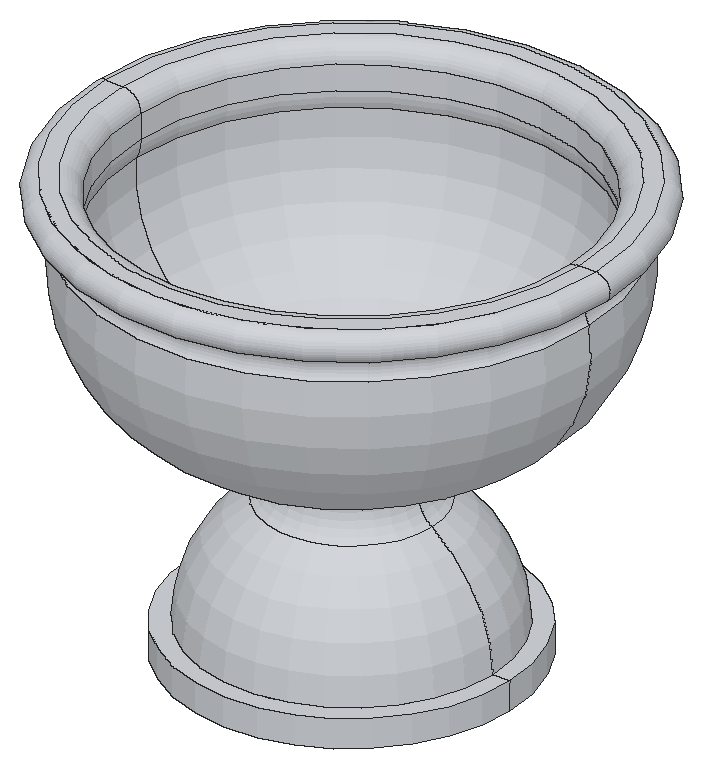
Revit family
Parameters (values of type "SBSP-122.1")
  Width = 2' - 5"
  URL = "www.strombergarchitectural.com"
  Top Material = GFRC
  Submittal Sheet = "www.strombergarchitectural.com/images/materials/gfrc/submittal/gfrc-submittal-sheet.pdf"
  Specifications = "www.strombergarchitectural.com/gfrcspecifications"
  Model Cut-sheet = "www.strombergarchitectural.com/products/bollards/design/SBSP-122"
  Model = "SBSP-122"
  Manufacturer = "Stromberg Architectural Products"
  Guidebook = "www.strombergarchitectural.com/images/materials/gfrc/handbooks/gfrc_guidebook.pdf   \r\n(http://www.strombergarchitectural.com/images/materials/gfrc/handbooks/gfrc_guidebook.pdf"
  Frame Material = none
  Description = "GFRC Bollard"
  Assembly Code = ""
  Height = 2' - 0"
  XXX.5 = no
  XXX.4 = no
  XXX.3 = no
  XXX.2 = no
  XXX.1 = yes
Types (6): name | Width | Guidebook | Height | XXX.5 | XXX.4 | XXX.3 | XXX.2 | XXX.1
  (no name) | 2' - 5" | "www.strombergarchitectural.com/images/materials/gfrc/handbooks/gfrc_guidebook.pdf   \r\n(http://www.strombergarchitectural.com/images/materials/gfrc/handbooks/gfrc_guidebook.pdf" | 2' - 0" | no | no | no | no | yes
  SBSP-122.3 | 3' - 8" | "www.strombergarchitectural.com/images/materials/gfrc/handbooks/gfrc_guidebook.pdf" | 3' - 0" | no | no | yes | no | no
  SBSP-122.1 | 2' - 5" | "www.strombergarchitectural.com/images/materials/gfrc/handbooks/gfrc_guidebook.pdf   \r\n(http://www.strombergarchitectural.com/images/materials/gfrc/handbooks/gfrc_guidebook.pdf" | 2' - 0" | no | no | no | no | yes
  SBSP-122.2 | 3' - 1" | "www.strombergarchitectural.com/images/materials/gfrc/handbooks/gfrc_guidebook.pdf" | 2' - 6" | no | no | no | yes | no
  SBSP-122.4 | 4' - 3" | "www.strombergarchitectural.com/images/materials/gfrc/handbooks/gfrc_guidebook.pdf" | 3' - 6" | no | yes | no | no | no
  SBSP-122.5 | 4' - 11" | "www.strombergarchitectural.com/images/materials/gfrc/handbooks/gfrc_guidebook.pdf" | 4' - 0" | yes | no | no | no | no
Reference planes (in)
  plane 1 "Center (Front/Back)": y = 3.74847
  plane 2: z = 0
  plane 3 "Center (Left/Right)": x = 0.7278
  plane 4 "Front": y = -3.25153
  plane 5 "Back": y = 10.74847
Forms (in)
  Revolve 1, solid, visible <- "XXX.1"
    sketch origin (0, 3.74847, 0) x (1, 0, 0) y (0, 0, 1)
      loop
        line (0.7278, 0) -> (0.7278, 1.33333) -> (-5.93873, 1.33333)
        arc (-5.93873, 1.33333) -> (-5.2127, 4.34246) -> (-3.12401, 6.62705) r 6.20878
        arc (-3.12401, 6.62705) -> (-1.80977, 10.06241) -> (-4.66562, 12.3804) r 3.13373
        arc (-4.66562, 12.3804) -> (-9.79496, 15.09675) -> (-11.45889, 20.65734) r 7.5145
        arc (-11.45889, 20.65734) -> (-11.27486, 21.1339) -> (-11.21226, 21.64092) r 2.08463
        line (-11.21226, 21.64092) -> (-11.21226, 22.98073)
        arc (-11.21226, 22.98073) -> (-11.51079, 23.70144) -> (-12.2315, 23.99996) r 1.01924
        line (-12.2315, 23.99996) -> (-13.15357, 23.99996)
        arc (-13.15357, 23.99996) -> (-13.93142, 23.22212) -> (-13.15357, 22.44427) r 0.77785
        arc (-13.15357, 22.44427) -> (-12.59409, 21.88632) -> (-12.74592, 21.1109) r 0.83936
        arc (-12.74592, 21.1109) -> (-10.93186, 14.38287) -> (-4.80974, 11.0547) r 8.84784
        arc (-4.80974, 11.0547) -> (-3.14739, 9.76899) -> (-3.80658, 7.77351) r 1.81926
        arc (-3.80658, 7.77351) -> (-6.32715, 5.0841) -> (-7.2722, 1.52137) r 7.54211
        line (-7.2722, 1.52137) -> (-8.2722, 1.52137) -> (-8.2722, 0) -> (0.7278, 0)
      axis (0.7278, 23.99996) -> (0.7278, 0)
    angle from 0 to 360
  Revolve 2, solid, visible <- "XXX.2"
    sketch origin (0, 3.74847, 0) x (1, 0, 0) y (0, 0, 1)
      loop
        arc (-7.60537, 1.66667) -> (-6.67206, 5.47568) -> (-3.99763, 8.34397) r 7.77144
        arc (-3.99763, 8.34397) -> (-2.50287, 12.63301) -> (-6.04334, 15.47821) r 3.93843
        arc (-6.04334, 15.47821) -> (-12.43412, 18.88127) -> (-14.50585, 25.8189) r 9.39313
        arc (-14.50585, 25.8189) -> (-14.29341, 26.41882) -> (-14.22137, 27.05114) r 2.81096
        line (-14.22137, 27.05114) -> (-14.22137, 28.75)
        arc (-14.22137, 28.75) -> (-14.58747, 29.63385) -> (-15.47132, 29.99996) r 1.24996
        line (-15.47132, 29.99996) -> (-16.62391, 29.99996)
        arc (-16.62391, 29.99996) -> (-17.59622, 29.02764) -> (-16.62391, 28.05533) r 0.97231
        arc (-16.62391, 28.05533) -> (-15.92395, 27.35808) -> (-16.11435, 26.38862) r 1.0484
        arc (-16.11435, 26.38862) -> (-13.85717, 17.91907) -> (-6.1142, 13.81119) r 10.96226
        arc (-6.1142, 13.81119) -> (-4.10391, 12.17216) -> (-4.94018, 9.71689) r 2.2719
        arc (-4.94018, 9.71689) -> (-8.09089, 6.35513) -> (-9.2722, 1.90171) r 9.42764
        line (-9.2722, 1.90171) -> (-10.5222, 1.90171) -> (-10.5222, 0) -> (0.7278, 0) -> (0.7278, 1.66667) -> (-7.60537, 1.66667)
      axis (0.7278, 29.99996) -> (0.7278, 0)
    angle from 0 to 360
  Revolve 3, solid, visible <- "XXX.3"
    sketch origin (0, 3.74847, 0) x (1, 0, 0) y (0, 0, 1)
      loop
        line (-12.75467, 0) -> (0.7278, 0) -> (0.7278, 2) -> (-9.272, 2)
        arc (-9.272, 2) -> (-8.13577, 6.60101) -> (-4.88804, 10.05247) r 9.3423
        arc (-4.88804, 10.05247) -> (-3.17243, 15.2387) -> (-7.49484, 18.57892) r 4.72612
        arc (-7.49484, 18.57892) -> (-15.10136, 22.70013) -> (-17.55103, 30.99728) r 11.27904
        arc (-17.55103, 30.99728) -> (-17.27862, 31.70692) -> (-17.18599, 32.46137) r 3.1186
        line (-17.18599, 32.46137) -> (-17.18599, 34.5)
        arc (-17.18599, 34.5) -> (-17.62531, 35.56062) -> (-18.68593, 35.99995) r 1.49995
        line (-18.68593, 35.99995) -> (-20.09425, 35.99995)
        arc (-20.09425, 35.99995) -> (-21.26103, 34.83317) -> (-20.09425, 33.6664) r 1.16677
        arc (-20.09425, 33.6664) -> (-19.25499, 32.82949) -> (-19.48278, 31.66635) r 1.25899
        arc (-19.48278, 31.66635) -> (-16.7318, 21.53657) -> (-7.4826, 16.57343) r 13.27175
        arc (-7.4826, 16.57343) -> (-5.0708, 14.60643) -> (-6.07377, 11.66026) r 2.72658
        arc (-6.07377, 11.66026) -> (-9.85463, 7.62615) -> (-11.2722, 2.28205) r 11.31317
        line (-11.2722, 2.28205) -> (-12.75467, 2.28205) -> (-12.75467, 0)
      axis (0.7278, 35.99995) -> (0.7278, 0)
    angle from 0 to 360
  Revolve 4, solid, visible <- "XXX.4"
    sketch origin (0, 3.74847, 0) x (1, 0, 0) y (0, 0, 1)
      loop
        arc (-10.93863, 2.33333) -> (-9.60399, 7.7183) -> (-5.79347, 11.75055) r 10.90956
        arc (-5.79347, 11.75055) -> (-3.81154, 17.7423) -> (-8.7518, 21.66949) r 5.5138
        arc (-8.7518, 21.66949) -> (-17.70929, 26.44651) -> (-20.59581, 36.17916) r 13.15038
        arc (-20.59581, 36.17916) -> (-20.27926, 37.00379) -> (-20.17162, 37.8805) r 3.62394
        line (-20.17162, 37.8805) -> (-20.17162, 40.25)
        arc (-20.17162, 40.25) -> (-20.68416, 41.48739) -> (-21.92156, 41.99994) r 1.74994
        line (-21.92156, 41.99994) -> (-23.5646, 41.99994)
        arc (-23.5646, 41.99994) -> (-24.92583, 40.6387) -> (-23.5646, 39.27747) r 1.36124
        arc (-23.5646, 39.27747) -> (-22.58483, 38.30126) -> (-22.85121, 36.94407) r 1.468
        arc (-22.85121, 36.94407) -> (-19.64173, 25.12599) -> (-8.851, 19.33567) r 15.48371
        arc (-8.851, 19.33567) -> (-6.03696, 17.04091) -> (-7.20737, 13.60364) r 3.18086
        arc (-7.20737, 13.60364) -> (-11.61836, 8.89718) -> (-13.2722, 2.66239) r 13.19869
        line (-13.2722, 2.66239) -> (-15.0222, 2.66239) -> (-15.0222, 0) -> (0.7278, 0) -> (0.7278, 2.33333) -> (-10.93863, 2.33333)
      axis (0.7278, 41.99994) -> (0.7278, 0)
    angle from 0 to 360
  Revolve 5, solid, visible <- "XXX.5"
    sketch origin (0, 3.74847, 0) x (1, 0, 0) y (0, 0, 1)
      loop
        line (-15.2722, 3.04274) -> (-17.2722, 3.04274) -> (-17.2722, 0) -> (0.7251, 0) -> (0.7251, 2.66667) -> (-12.60527, 2.66667)
        arc (-12.60527, 2.66667) -> (-11.11389, 8.75814) -> (-6.83854, 13.34633) r 12.43084
        arc (-6.83854, 13.34633) -> (-4.43478, 20.18897) -> (-10.06449, 24.76129) r 6.3008
        arc (-10.06449, 24.76129) -> (-20.31946, 30.19562) -> (-23.64557, 41.31468) r 15.02901
        arc (-23.64557, 41.31468) -> (-23.29353, 42.27039) -> (-23.17399, 43.28183) r 4.33864
        line (-23.17399, 43.28183) -> (-23.17399, 46)
        arc (-23.17399, 46) -> (-23.75977, 47.41421) -> (-25.17399, 48) r 2
        line (-25.17399, 48) -> (-27.04976, 48)
        arc (-27.04976, 48) -> (-28.60553, 46.44423) -> (-27.04976, 44.88846) r 1.55577
        arc (-27.04976, 44.88846) -> (-25.91622, 43.77879) -> (-26.21964, 42.2218) r 1.67198
        arc (-26.21964, 42.2218) -> (-22.57883, 28.74968) -> (-10.3065, 22.10563) r 17.69567
        arc (-10.3065, 22.10563) -> (-7.00885, 19.49237) -> (-8.38742, 15.51706) r 3.63482
        arc (-8.38742, 15.51706) -> (-13.39548, 10.14401) -> (-15.2722, 3.04274) r 15.08422
      axis (0.7278, 48) -> (0.7278, 0)
    angle from 0 to 360
Dimensions and locks (in)
  aligned and locked: level to plane 2
